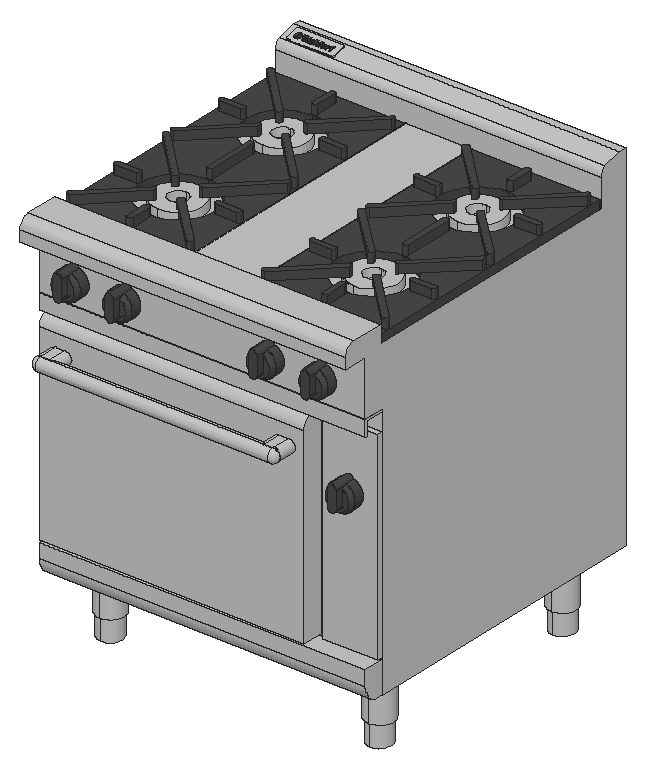
Revit family "QF_MOFFAT WALDORF_RNL8510GC", category Specialty Equipment, Revit 2012 (continued)
Definition of nested family "WALDORF LOGO"
  Forms (mm)
    Extrusion 2, solid, material "QF_Finishes_Black", visible <- "Show Logo"
      sketch origin (0, -19.462, 25.302) x (1, 0, 0) y (0, 0.965914, 0.258862)
        loop
          arc (64.874, 18.857) -> (58.083, 15.11) -> (64.874, 11.363) r 4.429
          line (64.874, 11.363) -> (64.874, 10.301) -> (68.378, 10.301) -> (68.378, 23.214) -> (64.874, 23.214)
        loop
          arc (64.874, 16.083) -> (61.41, 14.987) -> (64.874, 13.891) r 1.905
          line (64.874, 13.891) -> (64.874, 16.083)
        loop
          circle (74.623, 15.223) r 5
        loop
          spline (74.623, 17.856) -> (74.355, 17.766) -> (74.105, 17.503) -> (73.891, 17.084) -> (73.726, 16.539) -> (73.623, 15.904) -> (73.588, 15.223) -> (73.623, 14.541) -> (73.726, 13.906) -> (73.891, 13.361) -> (74.105, 12.942) -> (74.355, 12.679) -> (74.623, 12.59)
          spline (74.623, 12.59) -> (74.891, 12.679) -> (75.141, 12.942) -> (75.355, 13.361) -> (75.52, 13.906) -> (75.623, 14.541) -> (75.659, 15.223) -> (75.623, 15.904) -> (75.52, 16.539) -> (75.355, 17.084) -> (75.141, 17.503) -> (74.891, 17.766) -> (74.623, 17.856)
        loop
          line (81.255, 19.813) -> (81.255, 10.301) -> (84.834, 10.301) -> (84.834, 14.176)
          arc (84.834, 14.176) -> (85.854, 16.093) -> (88.013, 16.32) r 2.313
          line (88.013, 16.32) -> (88.013, 19.813) -> (87.161, 19.813)
          arc (87.161, 19.813) -> (85.526, 19.266) -> (84.549, 17.844) r 2.717
          line (84.549, 17.844) -> (84.549, 19.813) -> (81.255, 19.813)
        loop
          line (90.249, 19.813) -> (88.91, 19.813) -> (88.91, 17.614) -> (90.249, 17.614) -> (90.249, 10.301) -> (93.998, 10.301) -> (93.998, 17.614) -> (95.418, 17.614) -> (95.418, 19.813) -> (93.998, 19.813)
          arc (93.998, 19.813) -> (94.414, 20.817) -> (95.418, 21.233) r 1.42
          line (95.418, 21.233) -> (95.418, 23.602) -> (93.317, 23.602)
          arc (93.317, 23.602) -> (91.343, 22.903) -> (90.249, 21.118) r 3.137
          line (90.249, 21.118) -> (90.249, 19.813)
        loop
          arc (15.241, 23.571) -> (8.392, 16.525) -> (15.241, 9.479) r 7.049
          line (15.241, 9.479) -> (15.241, 23.571)
        loop
          line (15.641, 23.571) -> (15.641, 9.479)
          arc (15.641, 9.479) -> (22.49, 16.525) -> (15.641, 23.571) r 7.049
        loop
          arc (47.922, 14.711) -> (46.266, 13.749) -> (47.922, 12.787) r 1.107
          line (47.922, 12.787) -> (47.922, 14.711)
      from 0 to 0.2
  Dimensions and locks
    equal spacing: plane 3 "LEFT", plane 7 "Center Y", plane 4 "RIGHT"
    plane 3 "LEFT" to plane 4 "RIGHT" = 109 mm
    equal spacing: plane 5 "FRONT", plane 8 "Center X", plane 1 "BACK"
    plane 5 "FRONT" to plane 1 "BACK" = 1.588 mm
    aligned and locked: level to plane 2
  Automatic sketch dimensions
    Extrusion 1 sketch curve to plane 3 "LEFT" = 0 mm
    Extrusion 1 sketch curve to plane 4 "RIGHT" = 0 mm
    plane 3 "LEFT" to Extrusion 1 sketch curve = 5 mm  (x2)
    plane 4 "RIGHT" to Extrusion 1 sketch curve = 5 mm  (x2)
    Extrusion 1 sketch curve to Extrusion 1 sketch curve = 24.14 mm
    Extrusion 2 sketch curve to Extrusion 2 sketch curve = 0 mm  (x14)
    Extrusion 2 sketch curve to Extrusion 1 = 15.241 mm
    Extrusion 2 sketch curve to Extrusion 2 sketch curve = 0.2 mm
    Extrusion 2 sketch curve to Extrusion 2 sketch curve = 0.4 mm
    Extrusion 2 sketch curve to Extrusion 2 sketch curve = 9.131 mm
    Extrusion 2 sketch curve to Extrusion 1 = 10.301 mm  (x2)
    Extrusion 2 sketch curve to Extrusion 2 sketch curve = 12.351 mm
    Extrusion 2 sketch curve to Extrusion 2 sketch curve = 3.628 mm
    Extrusion 2 sketch curve to Extrusion 2 sketch curve = 2.084 mm
    Extrusion 2 sketch curve to Extrusion 2 sketch curve = 3.559 mm
    Extrusion 2 sketch curve to Extrusion 1 = 10.926 mm  (x2)
    Extrusion 2 sketch curve to Extrusion 2 sketch curve = 3.352 mm  (x2)
    Extrusion 2 sketch curve to Extrusion 2 sketch curve = 3.367 mm
    Extrusion 2 sketch curve to Extrusion 2 sketch curve = 3.249 mm
    Extrusion 2 sketch curve to Extrusion 2 sketch curve = 3.654 mm
    Extrusion 2 sketch curve to Extrusion 1 = 15.33 mm
    Extrusion 2 sketch curve to Extrusion 2 sketch curve = 3.233 mm
    Extrusion 2 sketch curve to Extrusion 2 sketch curve = 4.128 mm
    Extrusion 2 sketch curve to Extrusion 2 sketch curve = 3.725 mm
    Extrusion 2 sketch curve to Extrusion 2 sketch curve = 5.596 mm
    Extrusion 2 sketch curve to Extrusion 2 sketch curve = 4.333 mm
    Extrusion 2 sketch curve to Extrusion 2 sketch curve = 1.394 mm
    Extrusion 2 sketch curve to Extrusion 2 sketch curve = 2.092 mm
    Extrusion 2 sketch curve to Extrusion 2 sketch curve = 0.936 mm
    Extrusion 2 sketch curve to Extrusion 2 sketch curve = 1.34 mm
    Extrusion 2 sketch curve to Extrusion 2 sketch curve = 1.109 mm
    Extrusion 2 sketch curve to Extrusion 2 sketch curve = 0.232 mm
    Extrusion 2 sketch curve to Extrusion 2 sketch curve = 2.731 mm
    Extrusion 2 sketch curve to Extrusion 2 sketch curve = 0.549 mm  (x2)
    Extrusion 2 sketch curve to Extrusion 2 sketch curve = 0.407 mm
    Extrusion 2 sketch curve to Extrusion 2 sketch curve = 0.76 mm
    Extrusion 2 sketch curve to Extrusion 2 sketch curve = 1.334 mm
    Extrusion 2 sketch curve to Extrusion 2 sketch curve = 4.219 mm
    Extrusion 2 sketch curve to Extrusion 2 sketch curve = 5.142 mm
    Extrusion 2 sketch curve to Extrusion 2 sketch curve = 0.803 mm
    Extrusion 2 sketch curve to Extrusion 2 sketch curve = 1.558 mm
    Extrusion 2 sketch curve to Extrusion 2 sketch curve = 3.504 mm
    Extrusion 2 sketch curve to Extrusion 2 sketch curve = 6.245 mm
    Extrusion 2 sketch curve to Extrusion 2 sketch curve = 6.632 mm
    Extrusion 2 sketch curve to Extrusion 2 sketch curve = 3.294 mm
    Extrusion 2 sketch curve to Extrusion 2 sketch curve = 3.579 mm
    Extrusion 2 sketch curve to Extrusion 2 sketch curve = 2.313 mm
    Extrusion 2 sketch curve to Extrusion 2 sketch curve = 2.612 mm
    Extrusion 2 sketch curve to Extrusion 2 sketch curve = 0.852 mm
    Extrusion 2 sketch curve to Extrusion 2 sketch curve = 0.897 mm
    Extrusion 2 sketch curve to Extrusion 2 sketch curve = 3.102 mm
    Extrusion 2 sketch curve to Extrusion 2 sketch curve = 1.338 mm
    Extrusion 2 sketch curve to Extrusion 2 sketch curve = 3.068 mm
    Extrusion 2 sketch curve to Extrusion 2 sketch curve = 0.681 mm
    Extrusion 2 sketch curve to Extrusion 2 sketch curve = 3.749 mm
    Extrusion 2 sketch curve to Extrusion 2 sketch curve = 1.42 mm
    Extrusion 2 sketch curve to Extrusion 2 sketch curve = 5.029 mm  (x2)
    Extrusion 2 sketch curve to Extrusion 1 = 9.479 mm
    Extrusion 2 sketch curve to Extrusion 2 sketch curve = 3.681 mm
    Extrusion 2 sketch curve to Extrusion 2 sketch curve = 0.515 mm
    Extrusion 2 sketch curve to Extrusion 2 sketch curve = 0.804 mm
    Extrusion 2 sketch curve to Extrusion 2 sketch curve = 1.062 mm
    Extrusion 2 sketch curve to Extrusion 2 sketch curve = 1.682 mm
    Extrusion 2 sketch curve to Extrusion 2 sketch curve = 2.508 mm
    Extrusion 2 sketch curve to Extrusion 2 sketch curve = 0.962 mm
    Extrusion 2 sketch curve to Extrusion 2 sketch curve = 2.528 mm
    Extrusion 2 sketch curve to Extrusion 2 sketch curve = 3.875 mm
    Extrusion 2 sketch curve to Extrusion 2 sketch curve = 1.096 mm
    Extrusion 2 sketch curve to Extrusion 2 sketch curve = 0.123 mm
    Extrusion 2 sketch curve to Extrusion 2 sketch curve = 4.922 mm
    Extrusion 2 sketch curve to Extrusion 2 sketch curve = 7.046 mm
    Extrusion 2 sketch curve to Extrusion 2 sketch curve = 0.833 mm
    Extrusion 2 sketch curve to Extrusion 2 sketch curve = 0.776 mm
    Extrusion 2 sketch curve to Extrusion 2 sketch curve = 2.034 mm
    Extrusion 2 sketch curve to Extrusion 2 sketch curve = 7.314 mm
    Extrusion 2 sketch curve to Extrusion 2 sketch curve = 1.295 mm
    Extrusion 2 sketch curve to Extrusion 2 sketch curve = 0.749 mm
    Extrusion 2 sketch curve to Extrusion 2 sketch curve = 2.633 mm
    Extrusion 2 sketch curve to Extrusion 2 sketch curve = 2.198 mm  (x2)
    Extrusion 2 sketch curve to Extrusion 2 sketch curve = 1.968 mm
    Extrusion 2 sketch curve to Extrusion 2 sketch curve = 0.653 mm
    Extrusion 2 sketch curve to Extrusion 2 sketch curve = 1.305 mm
    Extrusion 2 sketch curve to Extrusion 2 sketch curve = 4.357 mm
    Extrusion 2 sketch curve to Extrusion 2 sketch curve = 6.159 mm
    radius of Extrusion 2 sketch curve = 5 mm
Definition of nested family "RNL8400G-CB-CASTERS"
  Parameters (values of type "BTL8450-CB-CASTERS")
    Weight = ""
    URL Manufacturer = ""
    URL Cutsheet = ""
    URL = ""
    Type Mark [instance] = ""
    Status [instance] = ""
    Specification by User [instance] = ""
    Specification by Manufacturer = ""
    Show Casters [instance] = no
    Serial Number = ""
    Seismic Rating = ""
    SMACNA No = ""
    Revision Code [instance] = ""
    Omniclass Number and Title = ""
    NAFEM Spec ID Number = ""
    Model = ""
    MasterSpec. = ""
    Manufacturer = ""
    Item Number [instance] = ""
    Installed By [instance] = ""
    Identify Quantity as Lot [instance] = yes
    Furnished By [instance] = ""
    Foodservice Equipment Identifier [instance] = yes
    Description = ""
    CSI MasterFormat = ""
    CSI Master Format = ""
    Assembly Code = ""
  Reference planes
    plane 1: z = 0
    plane 2 "RIGHT": x = 0
    plane 3 "FRONT": y = 0
    plane 4 "TOP": z = 177.8
  Forms (mm)
    Revolve 1, solid, material "QF_Finishes_Stainless Steel", visible <- "Show Casters"
      sketch origin (0, 56.335, 0) x (0, 1, 0) y (0, 0, 1)
        loop
          line (-56.335, 152.4) -> (-56.335, 141.118) -> (-23.798, 141.118) -> (-23.798, 152.4) -> (-56.335, 152.4)
        axis (-56.335, 141.118) -> (-56.335, 152.4)
      angle from 0 to 360
    Extrusion 2, solid, material "QF_Finishes_Stainless Steel", visible <- "Show Casters"
      sketch origin (-46.049, 56.335, 0) x (0, 1, 0) y (0, 0, 1)
        loop
          line (-85.799, 141.118) -> (-85.799, 133.498) -> (-82.136, 133.498)
          arc (-82.136, 133.498) -> (-79.344, 132.328) -> (-77.146, 130.248) r 8.432
          line (-77.146, 130.248) -> (-39.502, 49.52)
          arc (-39.502, 49.52) -> (-13.784, 46.107) -> (-5.673, 70.75) r 20.32
          arc (-5.673, 70.75) -> (-7.065, 73.611) -> (-8.887, 76.22) r 20.32
          arc (-8.887, 76.22) -> (-9.399, 85.377) -> (-6.626, 94.119) r 25.4
          line (-6.626, 94.119) -> (8.003, 121.632)
          arc (8.003, 121.632) -> (-2.347, 126.31) -> (-13.34, 129.167) r 66.802
          line (-13.34, 129.167) -> (-13.765, 133.498) -> (-26.871, 133.498) -> (-26.871, 141.118) -> (-85.799, 141.118)
      from 20.058 to 22.923
    Extrusion 3, solid, material "QF_Finishes_Stainless Steel", visible <- "Show Casters"
      sketch origin (3.326, 56.335, 0) x (0, 1, 0) y (0, 0, 1)
        loop
          line (-85.799, 141.118) -> (-85.799, 133.498) -> (-82.136, 133.498)
          arc (-82.136, 133.498) -> (-79.344, 132.328) -> (-77.146, 130.248) r 8.432
          line (-77.146, 130.248) -> (-39.502, 49.52)
          arc (-39.502, 49.52) -> (-13.784, 46.107) -> (-5.673, 70.75) r 20.32
          arc (-5.673, 70.75) -> (-7.065, 73.611) -> (-8.887, 76.22) r 20.32
          arc (-8.887, 76.22) -> (-9.399, 85.377) -> (-6.626, 94.119) r 25.4
          line (-6.626, 94.119) -> (8.003, 121.632)
          arc (8.003, 121.632) -> (-2.347, 126.31) -> (-13.34, 129.167) r 66.802
          line (-13.34, 129.167) -> (-13.765, 133.498) -> (-26.871, 133.498) -> (-26.871, 141.118) -> (-85.799, 141.118)
      from 20.058 to 22.923
    Extrusion 4, solid, material "QF_Finishes_Stainless Steel", visible <- "Show Casters"
      sketch origin (-49.224, 56.335, 0) x (0, 1, 0) y (0, 0, 1)
        loop
          line (-85.799, 141.118) -> (-85.799, 133.498) -> (-82.136, 133.498) -> (-18.877, 127.964) -> (7.14, 120.01) -> (8.003, 121.632)
          arc (8.003, 121.632) -> (-2.347, 126.31) -> (-13.34, 129.167) r 66.802
          line (-13.34, 129.167) -> (-13.765, 133.498) -> (-26.871, 133.498) -> (-26.871, 141.118) -> (-85.799, 141.118)
      from 26.098 to 72.56
    Revolve 5, solid, material "QF_Finishes_Stainless Steel", visible <- "Show Casters"
      sketch origin (-49.224, 30.821, 0) x (1, 0, 0) y (0, 0, 1)
        loop
          line (14.841, 63.604) -> (83.584, 63.604) -> (83.584, 67.109) -> (82.314, 68.379) -> (80.79, 68.379) -> (80.79, 71.826) -> (68.644, 71.826) -> (68.644, 81.79) -> (65.088, 83.843) -> (61.683, 104.879) -> (65.881, 104.879) -> (65.881, 111.229) -> (65.088, 111.229) -> (65.088, 117.579)
          arc (65.088, 117.579) -> (62.298, 124.314) -> (55.563, 127.104) r 9.525
          line (55.563, 127.104) -> (42.863, 127.104)
          arc (42.863, 127.104) -> (36.127, 124.314) -> (33.338, 117.579) r 9.525
          line (33.338, 117.579) -> (33.338, 111.229) -> (32.544, 111.229) -> (32.544, 104.879) -> (36.742, 104.879) -> (33.352, 83.932) -> (29.782, 81.871) -> (29.782, 71.826) -> (17.635, 71.826) -> (17.635, 68.379) -> (16.111, 68.379) -> (14.841, 67.109) -> (14.841, 63.604)
        axis (14.841, 63.604) -> (83.584, 63.604)
      angle from 0 to 360
  Cuts and joins
    joined: Extrusion 2, Extrusion 3, Extrusion 4
  Lines and regions (mm)
    symbolic lines, style "SpecialityEquipmentHiddenLines", visible <- "Show Casters"
      curve 1: line (18.009, 67.053, 0) -> (45.595, 51.127, 0)
      curve 2: line (-45.491, -42.932, 0) -> (18.009, 67.053, 0)
      curve 3: line (-17.905, -58.859, 0) -> (-45.491, -42.932, 0)
      curve 4: line (45.595, 51.127, 0) -> (-17.905, -58.859, 0)
  Dimensions and locks
    plane 4 "TOP" to level = 177.8 mm  (x2)
    Revolve 5 sketch curve to Revolve 5 sketch curve = 63.5 mm
    aligned and locked: level to plane 1
